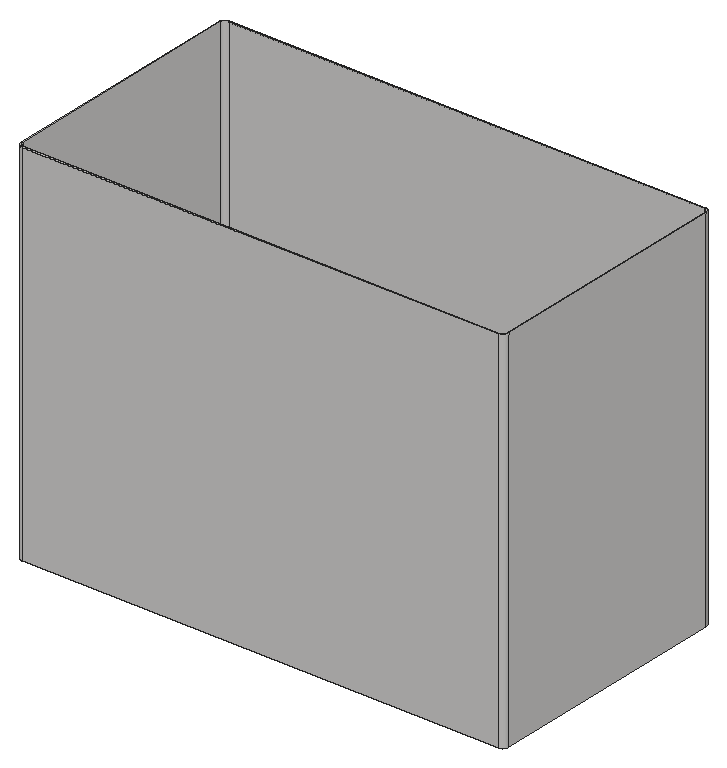
Revit family "Waste_Receptacle-Bobrick-ClassicSeries-367-60 (1)", category Specialty Equipment, Revit 2018
Family settings
  Round Connector Dimension = Use Diameter
  Part Type = Normal
  OmniClass Number = 23.40.20.21
  OmniClass Title = Toilet and Bath Specialties
  Work Plane-Based = Yes
  Always vertical = Yes
  Cut with Voids When Loaded = No
  Shared = Yes
  Room Calculation Point = No
Parameters (values of type "366-60")
  Width = 15 1/8"
  Warranty Information = "1 Year Limited Warranty"
  URL = "http://www.bobrick.com/"
  Specification = "Interchangeable 12 gallon waste receptacle module designed for changing traffic and usage needs. Waste receptacle is type-304 22-gauge stainless steel with satin finish. Front and side edges of bottom and all top edges are hemmed for safe handling. Secured to cabinet with a tumbler lock keyed like other Bobrick washroom accessories. Equipped with interior hooks for optional vinyl liner. Capacity: 12 Gallons. Dimensions: 15 1/8\" Wide x 23\" High x 8\" Deep, Extends 4 1/8\" from wall."
  Price = "Prices may vary. Please consult Manufacturer Representative for most up-to-date price list."  # constant formula
  Model = "366-60"
  Material = "Stainless Steel-Bobrick-Type 304-Satin"
  Manufacturer = "Bobrick Washroom Equipment, Inc."
  Length = 8"
  Installation Type = "Secured to cabinet."
  Height = 11 1/2"
  Description = "ClassicSeries® Interchangeable 12 Gallon Waste Receptacle Module"
  Default Elevation = 0"
  Creation Date = "06/20/2017"
  Assembly Code = "E20"
Reference planes (in)
  plane 1 "Center (Front/Back)": y = 0
  plane 2: z = 0
  plane 3 "Center (Left/Right)": x = 0
  plane 4: y = -8
  plane 5: x = -7.5625
  plane 6: x = 7.5625
  plane 7: z = 11.5
Forms (in)
  Extrusion 1, solid, material "Stainless Steel-Bobrick-Type 304-Satin"
    sketch origin (0, 0, 0) x (1, 0, 0) y (0, 1, 0)
      loop
        arc (-7.5625, -7.8125) -> (-7.50758, -7.94508) -> (-7.375, -8) r 0.1875
        line (-7.375, -8) -> (7.375, -8)
        arc (7.375, -8) -> (7.50758, -7.94508) -> (7.5625, -7.8125) r 0.1875
        line (7.5625, -7.8125) -> (7.5625, -0.1875)
        arc (7.5625, -0.1875) -> (7.50758, -0.05492) -> (7.375, 0) r 0.1875
        line (7.375, 0) -> (-7.375, 0)
        arc (-7.375, 0) -> (-7.50758, -0.05492) -> (-7.5625, -0.1875) r 0.1875
        line (-7.5625, -0.1875) -> (-7.5625, -7.8125)
      loop
        line (-7.53125, -0.1875) -> (-7.53125, -7.8125)
        arc (-7.53125, -7.8125) -> (-7.48549, -7.92299) -> (-7.375, -7.96875) r 0.15625
        line (-7.375, -7.96875) -> (7.375, -7.96875)
        arc (7.375, -7.96875) -> (7.48549, -7.92299) -> (7.53125, -7.8125) r 0.15625
        line (7.53125, -7.8125) -> (7.53125, -0.1875)
        arc (7.53125, -0.1875) -> (7.48549, -0.07701) -> (7.375, -0.03125) r 0.15625
        line (7.375, -0.03125) -> (-7.375, -0.03125)
        arc (-7.375, -0.03125) -> (-7.48549, -0.07701) -> (-7.53125, -0.1875) r 0.15625
    from 0 to 11.5
  Extrusion 2, solid, material "Stainless Steel-Bobrick-Type 304-Satin"
    sketch origin (0, 0, 0) x (1, 0, 0) y (0, 1, 0)
      loop
        arc (-7.5625, -7.8125) -> (-7.50758, -7.94508) -> (-7.375, -8) r 0.1875
        line (-7.375, -8) -> (7.375, -8)
        arc (7.375, -8) -> (7.50758, -7.94508) -> (7.5625, -7.8125) r 0.1875
        line (7.5625, -7.8125) -> (7.5625, -0.1875)
        arc (7.5625, -0.1875) -> (7.50758, -0.05492) -> (7.375, 0) r 0.1875
        line (7.375, 0) -> (-7.375, 0)
        arc (-7.375, 0) -> (-7.50758, -0.05492) -> (-7.5625, -0.1875) r 0.1875
        line (-7.5625, -0.1875) -> (-7.5625, -7.8125)
    from 0 to 0.032
Cuts and joins
  joined: Extrusion 1, Extrusion 2
Lines and regions (in)
  Masking region 1
    outline origin (0, 0, 0) x (1, 0, 0) y (0, 1, 0)
      loop
        arc (-7.5625, -7.8125) -> (-7.50758, -7.94508) -> (-7.375, -8) r 0.1875
        line (-7.375, -8) -> (7.375, -8)
        arc (7.375, -8) -> (7.50758, -7.94508) -> (7.5625, -7.8125) r 0.1875
        line (7.5625, -7.8125) -> (7.5625, -0.1875)
        arc (7.5625, -0.1875) -> (7.50758, -0.05492) -> (7.375, 0) r 0.1875
        line (7.375, 0) -> (-7.375, 0)
        arc (-7.375, 0) -> (-7.50758, -0.05492) -> (-7.5625, -0.1875) r 0.1875
        line (-7.5625, -0.1875) -> (-7.5625, -7.8125)
  symbolic lines, detail levels medium+fine
    curve 1: arc (-7.53125, -7.8125, 0) -> (-7.48549, -7.92299, 0) -> (-7.375, -7.96875, 0) r 0.15625
    curve 2: line (-7.375, -7.96875, 0) -> (7.375, -7.96875, 0)
    curve 3: line (-7.53125, -0.1875, 0) -> (-7.53125, -7.8125, 0)
    curve 4: arc (7.375, -7.96875, 0) -> (7.48549, -7.92299, 0) -> (7.53125, -7.8125, 0) r 0.15625
    curve 5: line (7.53125, -7.8125, 0) -> (7.53125, -0.1875, 0)
    curve 6: arc (7.53125, -0.1875, 0) -> (7.48549, -0.07701, 0) -> (7.375, -0.03125, 0) r 0.15625
    curve 7: line (7.375, -0.03125, 0) -> (-7.375, -0.03125, 0)
    curve 8: arc (-7.375, -0.03125, 0) -> (-7.48549, -0.07701, 0) -> (-7.53125, -0.1875, 0) r 0.15625
Dimensions and locks (in)
  "Length": plane 4 to plane 1 "Center (Front/Back)"
  "Width": plane 5 to plane 6
  "Height": plane 7 to level
Automatic sketch dimensions
  Extrusion 1 sketch curve to Extrusion 1 sketch curve = 0"  (x8)
  Extrusion 1 sketch curve to plane 5 = 0"
  plane 4 to Extrusion 1 sketch curve = 0"
  plane 1 "Center (Front/Back)" to Extrusion 1 sketch curve = 0"
  Extrusion 1 sketch curve to plane 6 = 0"
  Extrusion 1 sketch curve to Extrusion 1 sketch curve = 1/32"
  Extrusion 1 sketch curve to Extrusion 1 sketch curve = 5/32"  (x2)
  plane 5 to Extrusion 1 sketch curve = 3/16"
  Extrusion 1 sketch curve to plane 6 = 3/16"
  Extrusion 2 sketch curve to plane 5 = 0"
  plane 4 to Extrusion 2 sketch curve = 0"
  plane 1 "Center (Front/Back)" to Extrusion 2 sketch curve = 0"
  Extrusion 2 sketch curve to plane 6 = 0"
  Extrusion 2 sketch curve to plane 4 = 3/16"
  plane 5 to Extrusion 2 sketch curve = 3/16"
  Extrusion 2 sketch curve to plane 6 = 3/16"  (x2)
  Masking region 1 sketch curve to plane 5 = 0"
  plane 4 to Masking region 1 sketch curve = 0"
  plane 1 "Center (Front/Back)" to Masking region 1 sketch curve = 0"
  Masking region 1 sketch curve to plane 6 = 0"
  Masking region 1 sketch curve to plane 4 = 3/16"
  plane 5 to Masking region 1 sketch curve = 3/16"
  Masking region 1 sketch curve to plane 6 = 3/16"  (x2)
  plane 5 to curve 3 = 1/32"
  curve 2 to plane 4 = 1/32"
  plane 5 to curve 2 = 3/16"
  plane 1 "Center (Front/Back)" to curve 7 = 1/32"
  curve 7 to plane 6 = 3/16"
  curve 4 to plane 6 = 3/16"
  curve 5 to plane 6 = 1/32"
  curve 8 to curve 7 = 5/32"
